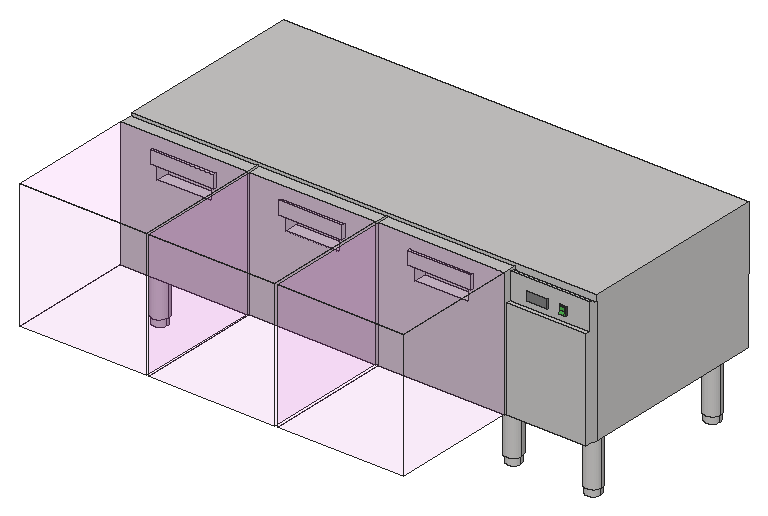
Revit family "QF_ELECTROLUXPROFESSIONAL_371372_E7TTAPCOMKN", category Specialty Equipment, Revit 2018 (continued)
Lines and regions (mm)
  Split face 146
    outline origin (966.896, -348, 142.29) x (0, 0, -1) y (1, 0, 0)
      loop
        line (-116.984, -242.399) -> (-85.025, -242.399)
  Split face 147
    outline origin (978.896, -348, 142.29) x (0, 0, -1) y (1, 0, 0)
      loop
        arc (-85.025, -242.399) -> (-81.004, -238.41) -> (-85.004, -234.4) r 4
        line (-85.004, -234.4) -> (-117.004, -234.4)
        arc (-117.004, -234.4) -> (-121.004, -238.41) -> (-116.984, -242.399) r 4
        line (-116.984, -242.399) -> (-85.025, -242.399)
  Split face 148
    outline origin (990.896, -348, 142.29) x (0, 0, -1) y (1, 0, 0)
      loop
        arc (-85.025, -242.399) -> (-81.004, -238.41) -> (-85.004, -234.4) r 4
        line (-85.004, -234.4) -> (-117.004, -234.4)
        arc (-117.004, -234.4) -> (-121.004, -238.41) -> (-116.984, -242.399) r 4
        line (-116.984, -242.399) -> (-85.025, -242.399)
  Split face 149
    outline origin (1002.896, -348, 142.29) x (0, 0, -1) y (1, 0, 0)
      loop
        arc (-85.025, -242.399) -> (-81.004, -238.41) -> (-85.004, -234.4) r 4
        line (-85.004, -234.4) -> (-117.004, -234.4)
        arc (-117.004, -234.4) -> (-121.004, -238.41) -> (-116.984, -242.399) r 4
        line (-116.984, -242.399) -> (-85.025, -242.399)
  Split face 150
    outline origin (1014.896, -348, 142.29) x (0, 0, -1) y (1, 0, 0)
      loop
        arc (-85.025, -242.399) -> (-81.004, -238.41) -> (-85.004, -234.4) r 4
        line (-85.004, -234.4) -> (-117.004, -234.4)
        arc (-117.004, -234.4) -> (-121.004, -238.41) -> (-116.984, -242.399) r 4
        line (-116.984, -242.399) -> (-85.025, -242.399)
  Split face 151
    outline origin (787, -348, 142.29) x (0, 0, -1) y (1, 0, 0)
      loop
        arc (-85.025, -240.599) -> (-81.004, -236.61) -> (-85.004, -232.599) r 4
        line (-85.004, -232.599) -> (-117.004, -232.599)
        arc (-117.004, -232.599) -> (-121.004, -236.61) -> (-116.984, -240.599) r 4
        line (-116.984, -240.599) -> (-85.025, -240.599)
  symbolic lines, style "SpecialityEquipmentHiddenLines"
    curve 1: line (-799, 350, 0) -> (799, 350, 0)
    curve 2: line (-799, -348, 0) -> (-799, 350, 0)
    curve 3: line (799, -348, 0) -> (-799, -348, 0)
    curve 4: line (799, 350, 0) -> (799, -348, 0)
    curve 16: line (-799, -303, 0) -> (799, -303, 0)
  symbolic lines, style "QF_Door-Drawer Clearances"
    curve 5: line (-779, -348, 0) -> (-779, -473, 0)
    curve 6: line (-384.999, -473, 0) -> (-384.999, -348, 0)
    curve 7: line (-336.67, -348, 0) -> (-336.67, -473, 0)
    curve 8: line (-799, -473, 0) -> (-364.999, -473, 0)
    curve 9: line (-356.67, -473, 0) -> (77.33, -473, 0)
    curve 10: line (-799, -513, 0) -> (-364.999, -513, 0)
    curve 11: line (-356.67, -513, 0) -> (77.33, -513, 0)
    curve 12: line (-364.999, -513, 0) -> (-364.999, -473, 0)
    curve 13: line (-356.67, -473, 0) -> (-356.67, -513, 0)
    curve 14: line (-799, -473, 0) -> (-799, -513, 0)
    curve 15: line (77.33, -513, 0) -> (77.33, -473, 0)
    curve 17: line (519.661, -473, 0) -> (85.661, -473, 0)
    curve 18: line (519.661, -513, 0) -> (85.661, -513, 0)
    curve 19: line (519.661, -473, 0) -> (519.661, -513, 0)
    curve 20: line (85.661, -513, 0) -> (85.661, -473, 0)
    curve 21: line (57.33, -473, 0) -> (57.33, -348, 0)
    curve 22: line (105.661, -348, 0) -> (105.661, -473, 0)
    curve 23: line (499.661, -473, 0) -> (499.661, -348, 0)
Dimensions and locks
  plane 4 to level = 200 mm
  plane 5 "TOP" to level = 650 mm
  plane 5 "TOP" to plane 4 = 450 mm
  equal spacing: plane 8 "LEFT", plane 3 "Centro (Sinistra/Destra)", plane 9 "RIGHT"
  plane 8 "LEFT" to plane 9 "RIGHT" = 1600 mm
  equal spacing: plane 6 "BACK", plane 1 "Center X", plane 7 "FRONT"
  plane 6 "BACK" to plane 7 "FRONT" = 700 mm
  locked: plane 6 "BACK" to plane 10 at 653
  locked: plane 10 to plane 11 at 45
  locked: plane 8 "LEFT" to plane 12 at 55
  locked: plane 13 to plane 9 "RIGHT" at 55
  plane 12 to plane 14 = 1216 mm
  locked: plane 6 "BACK" to plane 15 at 88
  locked: plane 16 to plane 11 at 99
  locked: plane 19 to plane 9 "RIGHT" at 1
  locked: plane 8 "LEFT" to plane 18 at 1
  plane 19 to plane 17 = 513 mm
  locked: plane 6 "BACK" to plane 20 at 160
  plane 21 to plane 9 "RIGHT" = 240 mm
  plane 14 to plane 12 = 1216 mm
  plane 12 to plane 8 "LEFT" = 55 mm
  plane 9 "RIGHT" to plane 13 = 55 mm
  Extrusion 10 to Extrusion 10 = 434 mm
  Extrusion 13 to Extrusion 13 = 434 mm
  aligned and locked: level to plane 2
  aligned and locked: plane 12 to nested 1
  aligned and locked: nested 1 to plane 16
  aligned and locked: nested 2 to plane 15
  aligned and locked: plane 14 to nested 3
  aligned and locked: nested 4 to plane 14
  aligned and locked: plane 13 to nested 5
  aligned and locked: nested 6 to plane 13
  aligned and locked: Extrusion 1 sketch curve to plane 6 "BACK"
  aligned and locked: Extrusion 1 sketch curve to plane 10
  aligned and locked: Extrusion 2 to plane 11
  aligned and locked: plane 19 to Extrusion 1
  aligned and locked: plane 4 to Extrusion 5
  aligned and locked: nested 2 to plane 12
Automatic sketch dimensions
  Extrusion 5 sketch curve to plane 20 = 0 mm
  plane 21 to Extrusion 5 sketch curve = 200 mm
  Extrusion 1 sketch curve to plane 19 = 0 mm
  Extrusion 1 sketch curve to plane 18 = 0 mm
  Extrusion 2 sketch curve to plane 18 = 0 mm
  plane 12 to Extrusion 2 sketch curve = 69.7 mm
  Extrusion 2 sketch curve to Extrusion 2 sketch curve = 186.601 mm
  Extrusion 2 sketch curve to plane 5 "TOP" = 9.006 mm
  Extrusion 2 sketch curve to Extrusion 2 sketch curve = 123.7 mm
  Extrusion 2 sketch curve to plane 5 "TOP" = 65 mm
  Extrusion 2 sketch curve to Extrusion 2 sketch curve = 78.294 mm
  plane 4 to Extrusion 2 sketch curve = 1.587 mm
  Extrusion 2 to Extrusion 3 sketch curve = 0 mm
  Extrusion 3 sketch curve to Extrusion 2 = 0 mm  (x3)
  Extrusion 4 sketch curve to Extrusion 2 = 15 mm  (x2)
  Extrusion 2 to Extrusion 4 sketch curve = 31.031 mm
  Extrusion 4 sketch curve to Extrusion 2 = 13.969 mm
  Extrusion 6 sketch curve to plane 11 = 0 mm
  Extrusion 6 sketch curve to plane 4 = 0 mm
  Extrusion 6 sketch curve to plane 10 = 0 mm
  plane 11 to Extrusion 6 sketch curve = 16.901 mm
  Extrusion 6 sketch curve to Extrusion 6 sketch curve = 11.336 mm
  plane 4 to Extrusion 6 sketch curve = 4.796 mm
  Extrusion 6 sketch curve to plane 10 = 15.163 mm
  Extrusion 6 sketch curve to plane 10 = 5.442 mm
  Extrusion 6 sketch curve to plane 5 "TOP" = 100.204 mm
  Extrusion 6 sketch curve to plane 5 "TOP" = 20.473 mm
  Extrusion 6 sketch curve to plane 5 "TOP" = 9.006 mm
  Extrusion 6 to Extrusion 7 sketch curve = 42.198 mm
  Extrusion 7 sketch curve to Extrusion 6 = 20 mm
  Extrusion 6 to Extrusion 7 sketch curve = 102.899 mm
  Extrusion 7 sketch curve to Extrusion 7 sketch curve = 22 mm
  Extrusion 6 to Extrusion 8 sketch curve = 42.198 mm
  Extrusion 8 sketch curve to Extrusion 6 = 20 mm
  Extrusion 6 to Extrusion 8 sketch curve = 54.901 mm
  Extrusion 8 sketch curve to Extrusion 8 sketch curve = 70 mm
  Split face 1 sketch curve to Extrusion 8 = 5 mm
  Split face 1 sketch curve to Extrusion 8 = 9 mm
  Split face 1 sketch curve to Extrusion 8 = 10 mm  (x2)
  Split face 2 sketch curve to Extrusion 8 = 12.5 mm
  Split face 2 sketch curve to Extrusion 8 = 7 mm
  Split face 3 sketch curve to Extrusion 8 = 7.5 mm
  Split face 3 sketch curve to Extrusion 8 = 7 mm
  Split face 4 sketch curve to Extrusion 8 = 11.5 mm
  Split face 4 sketch curve to Extrusion 8 = 7 mm
  Split face 5 sketch curve to Extrusion 8 = 7.5 mm
  Split face 5 sketch curve to Extrusion 8 = 7 mm
  Split face 6 sketch curve to Extrusion 8 = 12.5 mm
  Split face 6 sketch curve to Extrusion 8 = 7 mm
  Split face 7 sketch curve to Extrusion 8 = 11.5 mm
  Split face 7 sketch curve to Extrusion 8 = 7 mm
  Split face 8 sketch curve to Extrusion 8 = 7.047 mm
  Split face 8 sketch curve to Extrusion 8 = 2.047 mm
  Split face 8 sketch curve to Extrusion 8 = 10 mm
  Split face 8 sketch curve to Split face 8 sketch curve = 11 mm
  Split face 9 sketch curve to Extrusion 8 = 7.047 mm
  Split face 9 sketch curve to Extrusion 8 = 2.047 mm
  Split face 9 sketch curve to Extrusion 8 = 23 mm
  Split face 9 sketch curve to Split face 9 sketch curve = 11 mm
  Split face 10 sketch curve to Extrusion 8 = 7.047 mm
  Split face 10 sketch curve to Extrusion 8 = 2.047 mm
  Split face 10 sketch curve to Extrusion 8 = 34 mm
  Split face 10 sketch curve to Split face 10 sketch curve = 11 mm
  Split face 11 sketch curve to Extrusion 8 = 7.047 mm
  Split face 11 sketch curve to Extrusion 8 = 2.047 mm
  Split face 11 sketch curve to Extrusion 8 = 21 mm
  Split face 11 sketch curve to Extrusion 8 = 10 mm
  Extrusion 9 sketch curve to Extrusion 9 sketch curve = 0 mm  (x3)
  Extrusion 9 sketch curve to Extrusion 7 = 0 mm
  Extrusion 7 to Extrusion 9 sketch curve = 2.279 mm
  Extrusion 9 sketch curve to Extrusion 9 sketch curve = 0.116 mm
  Extrusion 9 sketch curve to Extrusion 9 sketch curve = 12.105 mm
  Extrusion 7 to Extrusion 9 sketch curve = 3.692 mm
  Extrusion 7 to Extrusion 9 sketch curve = 2.395 mm
  Split face 12 sketch curve to Extrusion 6 = 20.5 mm
  Split face 12 sketch curve to Split face 12 sketch curve = 0.02 mm  (x2)
  Split face 12 sketch curve to Split face 12 sketch curve = 31.959 mm
  Split face 12 sketch curve to Extrusion 6 = 30.401 mm
  Split face 12 sketch curve to Split face 12 sketch curve = 4 mm
  Split face 13 sketch curve to Extrusion 6 = 20.5 mm
  Split face 13 sketch curve to Split face 13 sketch curve = 0.02 mm  (x2)
  Split face 13 sketch curve to Split face 13 sketch curve = 31.959 mm
  Split face 13 sketch curve to Extrusion 6 = 42.4 mm
  Split face 13 sketch curve to Split face 13 sketch curve = 4 mm
  Split face 14 sketch curve to Extrusion 6 = 20.5 mm
  Split face 14 sketch curve to Split face 14 sketch curve = 0.02 mm  (x2)
  Split face 14 sketch curve to Split face 14 sketch curve = 31.959 mm
  Split face 14 sketch curve to Extrusion 6 = 54.4 mm
  Split face 14 sketch curve to Split face 14 sketch curve = 4 mm
  Split face 15 sketch curve to Extrusion 6 = 20.5 mm
  Split face 15 sketch curve to Split face 15 sketch curve = 0.02 mm  (x2)
  Split face 15 sketch curve to Split face 15 sketch curve = 31.959 mm
  Split face 15 sketch curve to Extrusion 6 = 66.297 mm
  Split face 15 sketch curve to Split face 15 sketch curve = 4 mm
  Split face 16 sketch curve to Extrusion 6 = 20.5 mm
  Split face 16 sketch curve to Split face 16 sketch curve = 0.02 mm  (x2)
  Split face 16 sketch curve to Split face 16 sketch curve = 31.959 mm
  Split face 16 sketch curve to Extrusion 6 = 78.297 mm
  Split face 16 sketch curve to Split face 16 sketch curve = 4 mm
  Split face 17 sketch curve to Extrusion 6 = 20.5 mm
  Split face 17 sketch curve to Split face 17 sketch curve = 0.02 mm  (x2)
  Split face 17 sketch curve to Split face 17 sketch curve = 31.959 mm
  Split face 17 sketch curve to Extrusion 6 = 90.297 mm
  Split face 17 sketch curve to Split face 17 sketch curve = 4 mm
  Split face 18 sketch curve to Extrusion 6 = 20.5 mm
  Split face 18 sketch curve to Split face 18 sketch curve = 0.02 mm  (x2)
  Split face 18 sketch curve to Split face 18 sketch curve = 31.959 mm
  Split face 18 sketch curve to Extrusion 6 = 102.297 mm
  Split face 18 sketch curve to Split face 18 sketch curve = 4 mm
  Split face 19 sketch curve to Extrusion 6 = 20.5 mm
  Split face 19 sketch curve to Split face 19 sketch curve = 0.02 mm  (x2)
  Split face 19 sketch curve to Split face 19 sketch curve = 31.959 mm
  Split face 19 sketch curve to Extrusion 6 = 114.297 mm
  Split face 19 sketch curve to Split face 19 sketch curve = 4 mm
  Split face 20 sketch curve to Extrusion 6 = 20.5 mm
  Split face 20 sketch curve to Split face 20 sketch curve = 0.02 mm  (x2)
  Split face 20 sketch curve to Split face 20 sketch curve = 31.959 mm
  Split face 20 sketch curve to Extrusion 6 = 126.297 mm
  Split face 20 sketch curve to Split face 20 sketch curve = 4 mm
  Split face 21 sketch curve to Extrusion 6 = 20.5 mm
  Split face 21 sketch curve to Split face 21 sketch curve = 0.02 mm  (x2)
  Split face 21 sketch curve to Split face 21 sketch curve = 31.959 mm
  Split face 21 sketch curve to Extrusion 6 = 134.503 mm
  Split face 21 sketch curve to Split face 21 sketch curve = 4 mm
  Split face 22 sketch curve to Extrusion 6 = 20.5 mm
  Split face 22 sketch curve to Split face 22 sketch curve = 0.02 mm  (x2)
  Split face 22 sketch curve to Split face 22 sketch curve = 31.959 mm
  Split face 22 sketch curve to Extrusion 6 = 122.504 mm
  Split face 22 sketch curve to Split face 22 sketch curve = 4 mm
  Split face 23 sketch curve to Extrusion 6 = 20.5 mm
  Split face 23 sketch curve to Split face 23 sketch curve = 0.02 mm  (x2)
  Split face 23 sketch curve to Split face 23 sketch curve = 31.959 mm
  Split face 23 sketch curve to Extrusion 6 = 110.503 mm
  Split face 23 sketch curve to Split face 23 sketch curve = 4 mm
  Split face 24 sketch curve to Extrusion 6 = 20.5 mm
  Split face 24 sketch curve to Split face 24 sketch curve = 0.02 mm  (x2)
  Split face 24 sketch curve to Split face 24 sketch curve = 31.959 mm
  Split face 24 sketch curve to Extrusion 6 = 98.503 mm
  Split face 24 sketch curve to Split face 24 sketch curve = 4 mm
  Split face 25 sketch curve to Extrusion 6 = 20.5 mm
  Split face 25 sketch curve to Split face 25 sketch curve = 0.02 mm  (x2)
  Split face 25 sketch curve to Split face 25 sketch curve = 31.959 mm
  Split face 25 sketch curve to Extrusion 6 = 86.503 mm
  Split face 25 sketch curve to Split face 25 sketch curve = 4 mm
  Split face 26 sketch curve to Extrusion 6 = 20.5 mm
  Split face 26 sketch curve to Split face 26 sketch curve = 0.02 mm  (x2)
  Split face 26 sketch curve to Split face 26 sketch curve = 31.959 mm
  Split face 26 sketch curve to Extrusion 6 = 74.504 mm
  Split face 26 sketch curve to Split face 26 sketch curve = 4 mm
  Split face 27 sketch curve to Extrusion 6 = 20.5 mm
  Split face 27 sketch curve to Split face 27 sketch curve = 0.02 mm  (x2)
  Split face 27 sketch curve to Split face 27 sketch curve = 31.959 mm
  Split face 27 sketch curve to Extrusion 6 = 62.503 mm
  Split face 27 sketch curve to Split face 27 sketch curve = 4 mm
  Split face 28 sketch curve to Extrusion 6 = 20.5 mm
  Split face 28 sketch curve to Split face 28 sketch curve = 0.02 mm  (x2)
  Split face 28 sketch curve to Split face 28 sketch curve = 31.959 mm
  Split face 28 sketch curve to Extrusion 6 = 50.504 mm
  Split face 28 sketch curve to Split face 28 sketch curve = 4 mm
  Split face 29 sketch curve to Extrusion 6 = 20.5 mm
  Split face 29 sketch curve to Split face 29 sketch curve = 0.02 mm  (x2)
  Split face 29 sketch curve to Split face 29 sketch curve = 31.959 mm
  Split face 29 sketch curve to Extrusion 6 = 38.504 mm
  Split face 29 sketch curve to Split face 29 sketch curve = 4 mm
  Split face 30 sketch curve to Extrusion 6 = 20.5 mm
  Split face 30 sketch curve to Split face 30 sketch curve = 0.02 mm  (x2)
  Split face 30 sketch curve to Split face 30 sketch curve = 31.959 mm
  Split face 30 sketch curve to Extrusion 6 = 26.504 mm
  Split face 30 sketch curve to Split face 30 sketch curve = 4 mm
  Split face 31 sketch curve to Extrusion 6 = 20.5 mm
  Split face 31 sketch curve to Split face 31 sketch curve = 0.02 mm  (x2)
  Split face 31 sketch curve to Split face 31 sketch curve = 31.959 mm
  Split face 31 sketch curve to Extrusion 6 = 18.401 mm
  Split face 31 sketch curve to Split face 31 sketch curve = 4 mm
  Split face 32 sketch curve to Extrusion 6 = 65.502 mm
  Split face 32 sketch curve to Split face 32 sketch curve = 0.02 mm  (x2)
  Split face 32 sketch curve to Split face 32 sketch curve = 31.959 mm
  Split face 32 sketch curve to Extrusion 6 = 30.401 mm
  Split face 32 sketch curve to Split face 32 sketch curve = 4 mm
  Split face 33 sketch curve to Extrusion 6 = 65.502 mm
  Split face 33 sketch curve to Split face 33 sketch curve = 0.02 mm  (x2)
  Split face 33 sketch curve to Split face 33 sketch curve = 31.959 mm
  Split face 33 sketch curve to Extrusion 6 = 42.4 mm
  Split face 33 sketch curve to Split face 33 sketch curve = 4 mm
  Split face 34 sketch curve to Extrusion 6 = 65.502 mm
  Split face 34 sketch curve to Split face 34 sketch curve = 0.02 mm  (x2)
  Split face 34 sketch curve to Split face 34 sketch curve = 31.959 mm
  Split face 34 sketch curve to Extrusion 6 = 54.4 mm
  Split face 34 sketch curve to Split face 34 sketch curve = 4 mm
  Split face 35 sketch curve to Extrusion 6 = 65.502 mm
  Split face 35 sketch curve to Split face 35 sketch curve = 0.02 mm  (x2)
  Split face 35 sketch curve to Split face 35 sketch curve = 31.959 mm
  Split face 35 sketch curve to Extrusion 6 = 66.297 mm
  Split face 35 sketch curve to Split face 35 sketch curve = 4 mm
  Split face 36 sketch curve to Extrusion 6 = 65.502 mm
  Split face 36 sketch curve to Split face 36 sketch curve = 0.02 mm  (x2)
  Split face 36 sketch curve to Split face 36 sketch curve = 31.959 mm
  Split face 36 sketch curve to Extrusion 6 = 78.297 mm
  Split face 36 sketch curve to Split face 36 sketch curve = 4 mm
  Split face 37 sketch curve to Extrusion 6 = 65.502 mm
  Split face 37 sketch curve to Split face 37 sketch curve = 0.02 mm  (x2)
  Split face 37 sketch curve to Split face 37 sketch curve = 31.959 mm
  Split face 37 sketch curve to Extrusion 6 = 90.297 mm
  Split face 37 sketch curve to Split face 37 sketch curve = 4 mm
  Split face 38 sketch curve to Extrusion 6 = 65.502 mm
  Split face 38 sketch curve to Split face 38 sketch curve = 0.02 mm  (x2)
  Split face 38 sketch curve to Split face 38 sketch curve = 31.959 mm
  Split face 38 sketch curve to Extrusion 6 = 102.297 mm
  Split face 38 sketch curve to Split face 38 sketch curve = 4 mm
  Split face 39 sketch curve to Extrusion 6 = 65.502 mm
  Split face 39 sketch curve to Split face 39 sketch curve = 0.02 mm  (x2)
  Split face 39 sketch curve to Split face 39 sketch curve = 31.959 mm
  Split face 39 sketch curve to Extrusion 6 = 114.297 mm
  Split face 39 sketch curve to Split face 39 sketch curve = 4 mm
  Split face 40 sketch curve to Extrusion 6 = 65.502 mm
  Split face 40 sketch curve to Split face 40 sketch curve = 0.02 mm  (x2)
  Split face 40 sketch curve to Split face 40 sketch curve = 31.959 mm
  Split face 40 sketch curve to Extrusion 6 = 126.297 mm
  Split face 40 sketch curve to Split face 40 sketch curve = 4 mm
  Split face 41 sketch curve to Extrusion 6 = 65.502 mm
  Split face 41 sketch curve to Split face 41 sketch curve = 0.02 mm  (x2)
  Split face 41 sketch curve to Split face 41 sketch curve = 31.959 mm
  Split face 41 sketch curve to Extrusion 6 = 134.503 mm
  Split face 41 sketch curve to Split face 41 sketch curve = 4 mm
  Split face 42 sketch curve to Extrusion 6 = 65.502 mm
  Split face 42 sketch curve to Split face 42 sketch curve = 0.02 mm  (x2)
  Split face 42 sketch curve to Split face 42 sketch curve = 31.959 mm
  Split face 42 sketch curve to Extrusion 6 = 122.504 mm
  Split face 42 sketch curve to Split face 42 sketch curve = 4 mm
  Split face 43 sketch curve to Extrusion 6 = 65.502 mm
  Split face 43 sketch curve to Split face 43 sketch curve = 0.02 mm  (x2)
  Split face 43 sketch curve to Split face 43 sketch curve = 31.959 mm
  Split face 43 sketch curve to Extrusion 6 = 110.503 mm
  Split face 43 sketch curve to Split face 43 sketch curve = 4 mm
  Split face 44 sketch curve to Extrusion 6 = 65.502 mm
  Split face 44 sketch curve to Split face 44 sketch curve = 0.02 mm  (x2)
  Split face 44 sketch curve to Split face 44 sketch curve = 31.959 mm
  Split face 44 sketch curve to Extrusion 6 = 98.503 mm
  Split face 44 sketch curve to Split face 44 sketch curve = 4 mm
  Split face 45 sketch curve to Extrusion 6 = 65.502 mm
  Split face 45 sketch curve to Split face 45 sketch curve = 0.02 mm  (x2)
  Split face 45 sketch curve to Split face 45 sketch curve = 31.959 mm
  Split face 45 sketch curve to Extrusion 6 = 86.503 mm
  Split face 45 sketch curve to Split face 45 sketch curve = 4 mm
  Split face 46 sketch curve to Extrusion 6 = 65.502 mm
  Split face 46 sketch curve to Split face 46 sketch curve = 0.02 mm  (x2)
  Split face 46 sketch curve to Split face 46 sketch curve = 31.959 mm
  Split face 46 sketch curve to Extrusion 6 = 74.504 mm
  Split face 46 sketch curve to Split face 46 sketch curve = 4 mm
  Split face 47 sketch curve to Extrusion 6 = 65.502 mm
  Split face 47 sketch curve to Split face 47 sketch curve = 0.02 mm  (x2)
  Split face 47 sketch curve to Split face 47 sketch curve = 31.959 mm
  Split face 47 sketch curve to Extrusion 6 = 62.503 mm
  Split face 47 sketch curve to Split face 47 sketch curve = 4 mm
  Split face 48 sketch curve to Extrusion 6 = 65.502 mm
  Split face 48 sketch curve to Split face 48 sketch curve = 0.02 mm  (x2)
  Split face 48 sketch curve to Split face 48 sketch curve = 31.959 mm
  Split face 48 sketch curve to Extrusion 6 = 50.504 mm
  Split face 48 sketch curve to Split face 48 sketch curve = 4 mm
  Split face 49 sketch curve to Extrusion 6 = 65.502 mm
  Split face 49 sketch curve to Split face 49 sketch curve = 0.02 mm  (x2)
  Split face 49 sketch curve to Split face 49 sketch curve = 31.959 mm
  Split face 49 sketch curve to Extrusion 6 = 38.504 mm
  Split face 49 sketch curve to Split face 49 sketch curve = 4 mm
  Split face 50 sketch curve to Extrusion 6 = 22.504 mm
  Split face 50 sketch curve to Extrusion 6 = 65.502 mm
  Split face 50 sketch curve to Split face 50 sketch curve = 0.02 mm  (x2)
  Split face 50 sketch curve to Split face 50 sketch curve = 31.959 mm
  Split face 50 sketch curve to Split face 50 sketch curve = 4 mm
  Split face 51 sketch curve to Extrusion 6 = 22.401 mm
  Split face 51 sketch curve to Extrusion 6 = 65.502 mm
  Split face 51 sketch curve to Split face 51 sketch curve = 0.02 mm  (x2)
  Split face 51 sketch curve to Split face 51 sketch curve = 31.959 mm
  Split face 51 sketch curve to Split face 51 sketch curve = 4 mm
  Split face 52 sketch curve to Extrusion 6 = 34.401 mm
  Split face 52 sketch curve to Extrusion 6 = 110.502 mm
  Split face 52 sketch curve to Split face 52 sketch curve = 0.02 mm  (x2)
  Split face 52 sketch curve to Split face 52 sketch curve = 31.959 mm
  Split face 52 sketch curve to Split face 52 sketch curve = 4 mm
  Split face 53 sketch curve to Extrusion 6 = 46.4 mm
  Split face 53 sketch curve to Extrusion 6 = 110.502 mm
  Split face 53 sketch curve to Split face 53 sketch curve = 0.02 mm  (x2)
  Split face 53 sketch curve to Split face 53 sketch curve = 31.959 mm
  Split face 53 sketch curve to Split face 53 sketch curve = 4 mm
  Split face 54 sketch curve to Extrusion 6 = 110.502 mm
  Split face 54 sketch curve to Split face 54 sketch curve = 0.02 mm  (x2)
  Split face 54 sketch curve to Split face 54 sketch curve = 31.959 mm
  Split face 54 sketch curve to Extrusion 6 = 54.4 mm
  Split face 54 sketch curve to Split face 54 sketch curve = 4 mm
  Split face 55 sketch curve to Extrusion 6 = 110.502 mm
  Split face 55 sketch curve to Split face 55 sketch curve = 0.02 mm  (x2)
  Split face 55 sketch curve to Split face 55 sketch curve = 31.959 mm
  Split face 55 sketch curve to Extrusion 6 = 66.297 mm
  Split face 55 sketch curve to Split face 55 sketch curve = 4 mm
  Split face 56 sketch curve to Extrusion 6 = 110.502 mm
  Split face 56 sketch curve to Split face 56 sketch curve = 0.02 mm  (x2)
  Split face 56 sketch curve to Split face 56 sketch curve = 31.959 mm
  Split face 56 sketch curve to Extrusion 6 = 78.297 mm
  Split face 56 sketch curve to Split face 56 sketch curve = 4 mm
  Split face 57 sketch curve to Extrusion 6 = 110.502 mm
  Split face 57 sketch curve to Split face 57 sketch curve = 0.02 mm  (x2)
  Split face 57 sketch curve to Split face 57 sketch curve = 31.959 mm
  Split face 57 sketch curve to Extrusion 6 = 90.297 mm
  Split face 57 sketch curve to Split face 57 sketch curve = 4 mm
  Split face 58 sketch curve to Extrusion 6 = 110.502 mm
  Split face 58 sketch curve to Split face 58 sketch curve = 0.02 mm  (x2)
  Split face 58 sketch curve to Split face 58 sketch curve = 31.959 mm
  Split face 58 sketch curve to Extrusion 6 = 102.297 mm
  Split face 58 sketch curve to Split face 58 sketch curve = 4 mm
  Split face 59 sketch curve to Extrusion 6 = 110.502 mm
  Split face 59 sketch curve to Split face 59 sketch curve = 0.02 mm  (x2)
  Split face 59 sketch curve to Split face 59 sketch curve = 31.959 mm
  Split face 59 sketch curve to Extrusion 6 = 114.297 mm
  Split face 59 sketch curve to Split face 59 sketch curve = 4 mm
  Split face 60 sketch curve to Extrusion 6 = 110.502 mm
  Split face 60 sketch curve to Split face 60 sketch curve = 0.02 mm  (x2)
  Split face 60 sketch curve to Split face 60 sketch curve = 31.959 mm
  Split face 60 sketch curve to Extrusion 6 = 126.297 mm
  Split face 60 sketch curve to Split face 60 sketch curve = 4 mm
  Split face 61 sketch curve to Extrusion 6 = 110.502 mm
  Split face 61 sketch curve to Split face 61 sketch curve = 0.02 mm  (x2)
  Split face 61 sketch curve to Split face 61 sketch curve = 31.959 mm
  Split face 61 sketch curve to Extrusion 6 = 134.503 mm
  Split face 61 sketch curve to Split face 61 sketch curve = 4 mm
  Split face 62 sketch curve to Extrusion 6 = 110.502 mm
  Split face 62 sketch curve to Split face 62 sketch curve = 0.02 mm  (x2)
  Split face 62 sketch curve to Split face 62 sketch curve = 31.959 mm
  Split face 62 sketch curve to Extrusion 6 = 122.504 mm
  Split face 62 sketch curve to Split face 62 sketch curve = 4 mm
  Split face 63 sketch curve to Extrusion 6 = 110.502 mm
  Split face 63 sketch curve to Split face 63 sketch curve = 0.02 mm  (x2)
  Split face 63 sketch curve to Split face 63 sketch curve = 31.959 mm
  Split face 63 sketch curve to Extrusion 6 = 110.503 mm
  Split face 63 sketch curve to Split face 63 sketch curve = 4 mm
  Split face 64 sketch curve to Extrusion 6 = 110.502 mm
  Split face 64 sketch curve to Split face 64 sketch curve = 0.02 mm  (x2)
  Split face 64 sketch curve to Split face 64 sketch curve = 31.959 mm
  Split face 64 sketch curve to Extrusion 6 = 98.503 mm
  Split face 64 sketch curve to Split face 64 sketch curve = 4 mm
  Split face 65 sketch curve to Extrusion 6 = 110.502 mm
  Split face 65 sketch curve to Split face 65 sketch curve = 0.02 mm  (x2)
  Split face 65 sketch curve to Split face 65 sketch curve = 31.959 mm
  Split face 65 sketch curve to Extrusion 6 = 86.503 mm
  Split face 65 sketch curve to Split face 65 sketch curve = 4 mm
  Split face 66 sketch curve to Extrusion 6 = 110.502 mm
  Split face 66 sketch curve to Split face 66 sketch curve = 0.02 mm  (x2)
  Split face 66 sketch curve to Split face 66 sketch curve = 31.959 mm
  Split face 66 sketch curve to Extrusion 6 = 74.504 mm
  Split face 66 sketch curve to Split face 66 sketch curve = 4 mm
  Split face 67 sketch curve to Extrusion 6 = 110.502 mm
  Split face 67 sketch curve to Split face 67 sketch curve = 0.02 mm  (x2)
  Split face 67 sketch curve to Split face 67 sketch curve = 31.959 mm
  Split face 67 sketch curve to Extrusion 6 = 62.503 mm
  Split face 67 sketch curve to Split face 67 sketch curve = 4 mm
  Split face 68 sketch curve to Extrusion 6 = 46.504 mm
  Split face 68 sketch curve to Extrusion 6 = 110.502 mm
  Split face 68 sketch curve to Split face 68 sketch curve = 0.02 mm  (x2)
  Split face 68 sketch curve to Split face 68 sketch curve = 31.959 mm
  Split face 68 sketch curve to Split face 68 sketch curve = 4 mm
  Split face 69 sketch curve to Extrusion 6 = 34.504 mm
  Split face 69 sketch curve to Extrusion 6 = 110.502 mm
  Split face 69 sketch curve to Split face 69 sketch curve = 0.02 mm  (x2)
  Split face 69 sketch curve to Split face 69 sketch curve = 31.959 mm
  Split face 69 sketch curve to Split face 69 sketch curve = 4 mm
  Split face 70 sketch curve to Extrusion 6 = 22.504 mm
  Split face 70 sketch curve to Extrusion 6 = 110.502 mm
  Split face 70 sketch curve to Split face 70 sketch curve = 0.02 mm  (x2)
  Split face 70 sketch curve to Split face 70 sketch curve = 31.959 mm
  Split face 70 sketch curve to Split face 70 sketch curve = 4 mm
  Split face 71 sketch curve to Extrusion 6 = 22.401 mm
  Split face 71 sketch curve to Extrusion 6 = 110.502 mm
  Split face 71 sketch curve to Split face 71 sketch curve = 0.02 mm  (x2)
  Split face 71 sketch curve to Split face 71 sketch curve = 31.959 mm
  Split face 71 sketch curve to Split face 71 sketch curve = 4 mm
  Split face 72 sketch curve to Extrusion 6 = 34.401 mm
  Split face 72 sketch curve to Extrusion 6 = 155.502 mm
  Split face 72 sketch curve to Split face 72 sketch curve = 0.02 mm  (x2)
  Split face 72 sketch curve to Split face 72 sketch curve = 31.959 mm
  Split face 72 sketch curve to Split face 72 sketch curve = 4 mm
  Split face 73 sketch curve to Extrusion 6 = 46.4 mm
  Split face 73 sketch curve to Extrusion 6 = 155.502 mm
  Split face 73 sketch curve to Split face 73 sketch curve = 0.02 mm  (x2)
  Split face 73 sketch curve to Split face 73 sketch curve = 31.959 mm
  Split face 73 sketch curve to Split face 73 sketch curve = 4 mm
  Split face 74 sketch curve to Extrusion 6 = 58.4 mm
  Split face 74 sketch curve to Extrusion 6 = 155.502 mm
  Split face 74 sketch curve to Split face 74 sketch curve = 0.02 mm  (x2)
  Split face 74 sketch curve to Split face 74 sketch curve = 31.959 mm
  Split face 74 sketch curve to Split face 74 sketch curve = 4 mm
  Split face 75 sketch curve to Extrusion 6 = 70.297 mm
  Split face 75 sketch curve to Extrusion 6 = 155.502 mm
  Split face 75 sketch curve to Split face 75 sketch curve = 0.02 mm  (x2)
  Split face 75 sketch curve to Split face 75 sketch curve = 31.959 mm
  Split face 75 sketch curve to Split face 75 sketch curve = 4 mm
  Split face 76 sketch curve to Extrusion 6 = 155.502 mm
  Split face 76 sketch curve to Split face 76 sketch curve = 0.02 mm  (x2)
  Split face 76 sketch curve to Split face 76 sketch curve = 31.959 mm
  Split face 76 sketch curve to Extrusion 6 = 78.297 mm
  Split face 76 sketch curve to Split face 76 sketch curve = 4 mm
  Split face 77 sketch curve to Extrusion 6 = 155.502 mm
  Split face 77 sketch curve to Split face 77 sketch curve = 0.02 mm  (x2)
  Split face 77 sketch curve to Split face 77 sketch curve = 31.959 mm
  Split face 77 sketch curve to Extrusion 6 = 90.297 mm
  Split face 77 sketch curve to Split face 77 sketch curve = 4 mm
  Split face 78 sketch curve to Extrusion 6 = 155.502 mm
  Split face 78 sketch curve to Split face 78 sketch curve = 0.02 mm  (x2)
  Split face 78 sketch curve to Split face 78 sketch curve = 31.959 mm
  Split face 78 sketch curve to Extrusion 6 = 102.297 mm
  Split face 78 sketch curve to Split face 78 sketch curve = 4 mm
  Split face 79 sketch curve to Extrusion 6 = 155.502 mm
  Split face 79 sketch curve to Split face 79 sketch curve = 0.02 mm  (x2)
  Split face 79 sketch curve to Split face 79 sketch curve = 31.959 mm
  Split face 79 sketch curve to Extrusion 6 = 114.297 mm
  Split face 79 sketch curve to Split face 79 sketch curve = 4 mm
  Split face 80 sketch curve to Extrusion 6 = 155.502 mm
  Split face 80 sketch curve to Split face 80 sketch curve = 0.02 mm  (x2)
  Split face 80 sketch curve to Split face 80 sketch curve = 31.959 mm
  Split face 80 sketch curve to Extrusion 6 = 126.297 mm
  Split face 80 sketch curve to Split face 80 sketch curve = 4 mm
  Split face 81 sketch curve to Extrusion 6 = 155.502 mm
  Split face 81 sketch curve to Split face 81 sketch curve = 0.02 mm  (x2)
  Split face 81 sketch curve to Split face 81 sketch curve = 31.959 mm
  Split face 81 sketch curve to Extrusion 6 = 134.503 mm
  Split face 81 sketch curve to Split face 81 sketch curve = 4 mm
  Split face 82 sketch curve to Extrusion 6 = 155.502 mm
  Split face 82 sketch curve to Split face 82 sketch curve = 0.02 mm  (x2)
  Split face 82 sketch curve to Split face 82 sketch curve = 31.959 mm
  Split face 82 sketch curve to Extrusion 6 = 122.504 mm
  Split face 82 sketch curve to Split face 82 sketch curve = 4 mm
  Split face 83 sketch curve to Extrusion 6 = 155.502 mm
  Split face 83 sketch curve to Split face 83 sketch curve = 0.02 mm  (x2)
  Split face 83 sketch curve to Split face 83 sketch curve = 31.959 mm
  Split face 83 sketch curve to Extrusion 6 = 110.503 mm
  Split face 83 sketch curve to Split face 83 sketch curve = 4 mm
  Split face 84 sketch curve to Extrusion 6 = 155.502 mm
  Split face 84 sketch curve to Split face 84 sketch curve = 0.02 mm  (x2)
  Split face 84 sketch curve to Split face 84 sketch curve = 31.959 mm
  Split face 84 sketch curve to Extrusion 6 = 98.503 mm
  Split face 84 sketch curve to Split face 84 sketch curve = 4 mm
  Split face 85 sketch curve to Extrusion 6 = 155.502 mm
  Split face 85 sketch curve to Split face 85 sketch curve = 0.02 mm  (x2)
  Split face 85 sketch curve to Split face 85 sketch curve = 31.959 mm
  Split face 85 sketch curve to Extrusion 6 = 86.503 mm
  Split face 85 sketch curve to Split face 85 sketch curve = 4 mm
  Split face 86 sketch curve to Extrusion 6 = 70.504 mm
  Split face 86 sketch curve to Extrusion 6 = 155.502 mm
  Split face 86 sketch curve to Split face 86 sketch curve = 0.02 mm  (x2)
  Split face 86 sketch curve to Split face 86 sketch curve = 31.959 mm
  Split face 86 sketch curve to Split face 86 sketch curve = 4 mm
  Split face 87 sketch curve to Extrusion 6 = 58.503 mm
  Split face 87 sketch curve to Extrusion 6 = 155.502 mm
  Split face 87 sketch curve to Split face 87 sketch curve = 0.02 mm  (x2)
  Split face 87 sketch curve to Split face 87 sketch curve = 31.959 mm
  Split face 87 sketch curve to Split face 87 sketch curve = 4 mm
  Split face 88 sketch curve to Extrusion 6 = 46.504 mm
  Split face 88 sketch curve to Extrusion 6 = 155.502 mm
  Split face 88 sketch curve to Split face 88 sketch curve = 0.02 mm  (x2)
  Split face 88 sketch curve to Split face 88 sketch curve = 31.959 mm
  Split face 88 sketch curve to Split face 88 sketch curve = 4 mm
  Split face 89 sketch curve to Extrusion 6 = 34.504 mm
  Split face 89 sketch curve to Extrusion 6 = 155.502 mm
  Split face 89 sketch curve to Split face 89 sketch curve = 0.02 mm  (x2)
  Split face 89 sketch curve to Split face 89 sketch curve = 31.959 mm
  Split face 89 sketch curve to Split face 89 sketch curve = 4 mm
  Split face 90 sketch curve to Extrusion 6 = 22.504 mm
  Split face 90 sketch curve to Extrusion 6 = 155.502 mm
  Split face 90 sketch curve to Split face 90 sketch curve = 0.02 mm  (x2)
  Split face 90 sketch curve to Split face 90 sketch curve = 31.959 mm
  Split face 90 sketch curve to Split face 90 sketch curve = 4 mm
  Split face 91 sketch curve to Extrusion 6 = 22.401 mm
  Split face 91 sketch curve to Extrusion 6 = 155.502 mm
  Split face 91 sketch curve to Split face 91 sketch curve = 0.02 mm  (x2)
  Split face 91 sketch curve to Split face 91 sketch curve = 31.959 mm
  Split face 91 sketch curve to Split face 91 sketch curve = 4 mm
  Split face 92 sketch curve to Extrusion 6 = 34.401 mm
  Split face 92 sketch curve to Extrusion 6 = 144.498 mm
  Split face 92 sketch curve to Split face 92 sketch curve = 0.02 mm  (x2)
  Split face 92 sketch curve to Split face 92 sketch curve = 31.959 mm
  Split face 92 sketch curve to Split face 92 sketch curve = 4 mm
  Split face 93 sketch curve to Extrusion 6 = 46.4 mm
  Split face 93 sketch curve to Extrusion 6 = 144.498 mm
  Split face 93 sketch curve to Split face 93 sketch curve = 0.02 mm  (x2)
  Split face 93 sketch curve to Split face 93 sketch curve = 31.959 mm
  Split face 93 sketch curve to Split face 93 sketch curve = 4 mm
  Split face 94 sketch curve to Extrusion 6 = 58.4 mm
  Split face 94 sketch curve to Extrusion 6 = 144.498 mm
  Split face 94 sketch curve to Split face 94 sketch curve = 0.02 mm  (x2)
  Split face 94 sketch curve to Split face 94 sketch curve = 31.959 mm
  Split face 94 sketch curve to Split face 94 sketch curve = 4 mm
  Split face 95 sketch curve to Extrusion 6 = 70.297 mm
  Split face 95 sketch curve to Extrusion 6 = 144.498 mm
  Split face 95 sketch curve to Split face 95 sketch curve = 0.02 mm  (x2)
  Split face 95 sketch curve to Split face 95 sketch curve = 31.959 mm
  Split face 95 sketch curve to Split face 95 sketch curve = 4 mm
  Split face 96 sketch curve to Extrusion 6 = 144.498 mm
  Split face 96 sketch curve to Split face 96 sketch curve = 0.02 mm  (x2)
  Split face 96 sketch curve to Split face 96 sketch curve = 31.959 mm
  Split face 96 sketch curve to Extrusion 6 = 78.297 mm
  Split face 96 sketch curve to Split face 96 sketch curve = 4 mm
  Split face 97 sketch curve to Extrusion 6 = 144.498 mm
  Split face 97 sketch curve to Split face 97 sketch curve = 0.02 mm  (x2)
  Split face 97 sketch curve to Split face 97 sketch curve = 31.959 mm
  Split face 97 sketch curve to Extrusion 6 = 90.297 mm
  Split face 97 sketch curve to Split face 97 sketch curve = 4 mm
  Split face 98 sketch curve to Extrusion 6 = 144.498 mm
  Split face 98 sketch curve to Split face 98 sketch curve = 0.02 mm  (x2)
  Split face 98 sketch curve to Split face 98 sketch curve = 31.959 mm
  Split face 98 sketch curve to Extrusion 6 = 102.297 mm
  Split face 98 sketch curve to Split face 98 sketch curve = 4 mm
  Split face 99 sketch curve to Extrusion 6 = 144.498 mm
  Split face 99 sketch curve to Split face 99 sketch curve = 0.02 mm  (x2)
  Split face 99 sketch curve to Split face 99 sketch curve = 31.959 mm
  Split face 99 sketch curve to Extrusion 6 = 114.297 mm
  Split face 99 sketch curve to Split face 99 sketch curve = 4 mm
  Split face 100 sketch curve to Extrusion 6 = 144.498 mm
  Split face 100 sketch curve to Split face 100 sketch curve = 0.02 mm  (x2)
  Split face 100 sketch curve to Split face 100 sketch curve = 31.959 mm
  Split face 100 sketch curve to Extrusion 6 = 126.297 mm
  Split face 100 sketch curve to Split face 100 sketch curve = 4 mm
  Split face 101 sketch curve to Extrusion 6 = 144.498 mm
  Split face 101 sketch curve to Split face 101 sketch curve = 0.02 mm  (x2)
  Split face 101 sketch curve to Split face 101 sketch curve = 31.959 mm
  Split face 101 sketch curve to Extrusion 6 = 134.503 mm
  Split face 101 sketch curve to Split face 101 sketch curve = 4 mm
  Split face 102 sketch curve to Extrusion 6 = 144.498 mm
  Split face 102 sketch curve to Split face 102 sketch curve = 0.02 mm  (x2)
  Split face 102 sketch curve to Split face 102 sketch curve = 31.959 mm
  Split face 102 sketch curve to Extrusion 6 = 122.504 mm
  Split face 102 sketch curve to Split face 102 sketch curve = 4 mm
  Split face 103 sketch curve to Extrusion 6 = 144.498 mm
  Split face 103 sketch curve to Split face 103 sketch curve = 0.02 mm  (x2)
  Split face 103 sketch curve to Split face 103 sketch curve = 31.959 mm
  Split face 103 sketch curve to Extrusion 6 = 110.503 mm
  Split face 103 sketch curve to Split face 103 sketch curve = 4 mm
  Split face 104 sketch curve to Extrusion 6 = 144.498 mm
  Split face 104 sketch curve to Split face 104 sketch curve = 0.02 mm  (x2)
  Split face 104 sketch curve to Split face 104 sketch curve = 31.959 mm
  Split face 104 sketch curve to Extrusion 6 = 98.503 mm
  Split face 104 sketch curve to Split face 104 sketch curve = 4 mm
  Split face 105 sketch curve to Extrusion 6 = 144.498 mm
  Split face 105 sketch curve to Split face 105 sketch curve = 0.02 mm  (x2)
  Split face 105 sketch curve to Split face 105 sketch curve = 31.959 mm
  Split face 105 sketch curve to Extrusion 6 = 86.503 mm
  Split face 105 sketch curve to Split face 105 sketch curve = 4 mm
  Split face 106 sketch curve to Extrusion 6 = 70.504 mm
  Split face 106 sketch curve to Extrusion 6 = 144.498 mm
  Split face 106 sketch curve to Split face 106 sketch curve = 0.02 mm  (x2)
  Split face 106 sketch curve to Split face 106 sketch curve = 31.959 mm
  Split face 106 sketch curve to Split face 106 sketch curve = 4 mm
  Split face 107 sketch curve to Extrusion 6 = 58.503 mm
  Split face 107 sketch curve to Extrusion 6 = 144.498 mm
  Split face 107 sketch curve to Split face 107 sketch curve = 0.02 mm  (x2)
  Split face 107 sketch curve to Split face 107 sketch curve = 31.959 mm
  Split face 107 sketch curve to Split face 107 sketch curve = 4 mm
  Split face 108 sketch curve to Extrusion 6 = 46.504 mm
  Split face 108 sketch curve to Extrusion 6 = 144.498 mm
  Split face 108 sketch curve to Split face 108 sketch curve = 0.02 mm  (x2)
  Split face 108 sketch curve to Split face 108 sketch curve = 31.959 mm
  Split face 108 sketch curve to Split face 108 sketch curve = 4 mm
  Split face 109 sketch curve to Extrusion 6 = 34.504 mm
  Split face 109 sketch curve to Extrusion 6 = 144.498 mm
  Split face 109 sketch curve to Split face 109 sketch curve = 0.02 mm  (x2)
  Split face 109 sketch curve to Split face 109 sketch curve = 31.959 mm
  Split face 109 sketch curve to Split face 109 sketch curve = 4 mm
  Split face 110 sketch curve to Extrusion 6 = 22.504 mm
  Split face 110 sketch curve to Extrusion 6 = 144.498 mm
  Split face 110 sketch curve to Split face 110 sketch curve = 0.02 mm  (x2)
  Split face 110 sketch curve to Split face 110 sketch curve = 31.959 mm
  Split face 110 sketch curve to Split face 110 sketch curve = 4 mm
  Split face 111 sketch curve to Extrusion 6 = 22.401 mm
  Split face 111 sketch curve to Extrusion 6 = 144.498 mm
  Split face 111 sketch curve to Split face 111 sketch curve = 0.02 mm  (x2)
  Split face 111 sketch curve to Split face 111 sketch curve = 31.959 mm
  Split face 111 sketch curve to Split face 111 sketch curve = 4 mm
  Split face 112 sketch curve to Extrusion 6 = 34.401 mm
  Split face 112 sketch curve to Extrusion 6 = 99.499 mm
  Split face 112 sketch curve to Split face 112 sketch curve = 0.02 mm  (x2)
  Split face 112 sketch curve to Split face 112 sketch curve = 31.959 mm
  Split face 112 sketch curve to Split face 112 sketch curve = 4 mm
  Split face 113 sketch curve to Extrusion 6 = 46.4 mm
  Split face 113 sketch curve to Extrusion 6 = 99.499 mm
  Split face 113 sketch curve to Split face 113 sketch curve = 0.02 mm  (x2)
  Split face 113 sketch curve to Split face 113 sketch curve = 31.959 mm
  Split face 113 sketch curve to Split face 113 sketch curve = 4 mm
  Split face 114 sketch curve to Extrusion 6 = 99.499 mm
  Split face 114 sketch curve to Split face 114 sketch curve = 0.02 mm  (x2)
  Split face 114 sketch curve to Split face 114 sketch curve = 31.959 mm
  Split face 114 sketch curve to Extrusion 6 = 54.4 mm
  Split face 114 sketch curve to Split face 114 sketch curve = 4 mm
  Split face 115 sketch curve to Extrusion 6 = 99.499 mm
  Split face 115 sketch curve to Split face 115 sketch curve = 0.02 mm  (x2)
  Split face 115 sketch curve to Split face 115 sketch curve = 31.959 mm
  Split face 115 sketch curve to Extrusion 6 = 66.297 mm
  Split face 115 sketch curve to Split face 115 sketch curve = 4 mm
  Split face 116 sketch curve to Extrusion 6 = 99.499 mm
  Split face 116 sketch curve to Split face 116 sketch curve = 0.02 mm  (x2)
  Split face 116 sketch curve to Split face 116 sketch curve = 31.959 mm
  Split face 116 sketch curve to Extrusion 6 = 78.297 mm
  Split face 116 sketch curve to Split face 116 sketch curve = 4 mm
  Split face 117 sketch curve to Extrusion 6 = 99.499 mm
  Split face 117 sketch curve to Split face 117 sketch curve = 0.02 mm  (x2)
  Split face 117 sketch curve to Split face 117 sketch curve = 31.959 mm
  Split face 117 sketch curve to Extrusion 6 = 90.297 mm
  Split face 117 sketch curve to Split face 117 sketch curve = 4 mm
  Split face 118 sketch curve to Extrusion 6 = 99.499 mm
  Split face 118 sketch curve to Split face 118 sketch curve = 0.02 mm  (x2)
  Split face 118 sketch curve to Split face 118 sketch curve = 31.959 mm
  Split face 118 sketch curve to Extrusion 6 = 102.297 mm
  Split face 118 sketch curve to Split face 118 sketch curve = 4 mm
  Split face 119 sketch curve to Extrusion 6 = 99.499 mm
  Split face 119 sketch curve to Split face 119 sketch curve = 0.02 mm  (x2)
  Split face 119 sketch curve to Split face 119 sketch curve = 31.959 mm
  Split face 119 sketch curve to Extrusion 6 = 114.297 mm
  Split face 119 sketch curve to Split face 119 sketch curve = 4 mm
  Split face 120 sketch curve to Extrusion 6 = 99.499 mm
  Split face 120 sketch curve to Split face 120 sketch curve = 0.02 mm  (x2)
  Split face 120 sketch curve to Split face 120 sketch curve = 31.959 mm
  Split face 120 sketch curve to Extrusion 6 = 126.297 mm
  Split face 120 sketch curve to Split face 120 sketch curve = 4 mm
  Split face 121 sketch curve to Extrusion 6 = 99.499 mm
  Split face 121 sketch curve to Split face 121 sketch curve = 0.02 mm  (x2)
  Split face 121 sketch curve to Split face 121 sketch curve = 31.959 mm
  Split face 121 sketch curve to Extrusion 6 = 134.503 mm
  Split face 121 sketch curve to Split face 121 sketch curve = 4 mm
  Split face 122 sketch curve to Extrusion 6 = 99.499 mm
  Split face 122 sketch curve to Split face 122 sketch curve = 0.02 mm  (x2)
  Split face 122 sketch curve to Split face 122 sketch curve = 31.959 mm
  Split face 122 sketch curve to Extrusion 6 = 122.504 mm
  Split face 122 sketch curve to Split face 122 sketch curve = 4 mm
  Split face 123 sketch curve to Extrusion 6 = 99.499 mm
  Split face 123 sketch curve to Split face 123 sketch curve = 0.02 mm  (x2)
  Split face 123 sketch curve to Split face 123 sketch curve = 31.959 mm
  Split face 123 sketch curve to Extrusion 6 = 110.503 mm
  Split face 123 sketch curve to Split face 123 sketch curve = 4 mm
  Split face 124 sketch curve to Extrusion 6 = 99.499 mm
  Split face 124 sketch curve to Split face 124 sketch curve = 0.02 mm  (x2)
  Split face 124 sketch curve to Split face 124 sketch curve = 31.959 mm
  Split face 124 sketch curve to Extrusion 6 = 98.503 mm
  Split face 124 sketch curve to Split face 124 sketch curve = 4 mm
  Split face 125 sketch curve to Extrusion 6 = 99.499 mm
  Split face 125 sketch curve to Split face 125 sketch curve = 0.02 mm  (x2)
  Split face 125 sketch curve to Split face 125 sketch curve = 31.959 mm
  Split face 125 sketch curve to Extrusion 6 = 86.503 mm
  Split face 125 sketch curve to Split face 125 sketch curve = 4 mm
  Split face 126 sketch curve to Extrusion 6 = 99.499 mm
  Split face 126 sketch curve to Split face 126 sketch curve = 0.02 mm  (x2)
  Split face 126 sketch curve to Split face 126 sketch curve = 31.959 mm
  Split face 126 sketch curve to Extrusion 6 = 74.504 mm
  Split face 126 sketch curve to Split face 126 sketch curve = 4 mm
  Split face 127 sketch curve to Extrusion 6 = 99.499 mm
  Split face 127 sketch curve to Split face 127 sketch curve = 0.02 mm  (x2)
  Split face 127 sketch curve to Split face 127 sketch curve = 31.959 mm
  Split face 127 sketch curve to Extrusion 6 = 62.503 mm
  Split face 127 sketch curve to Split face 127 sketch curve = 4 mm
  Split face 128 sketch curve to Extrusion 6 = 46.504 mm
  Split face 128 sketch curve to Extrusion 6 = 99.499 mm
  Split face 128 sketch curve to Split face 128 sketch curve = 0.02 mm  (x2)
  Split face 128 sketch curve to Split face 128 sketch curve = 31.959 mm
  Split face 128 sketch curve to Split face 128 sketch curve = 4 mm
  Split face 129 sketch curve to Extrusion 6 = 34.504 mm
  Split face 129 sketch curve to Extrusion 6 = 99.499 mm
  Split face 129 sketch curve to Split face 129 sketch curve = 0.02 mm  (x2)
  Split face 129 sketch curve to Split face 129 sketch curve = 31.959 mm
  Split face 129 sketch curve to Split face 129 sketch curve = 4 mm
  Split face 130 sketch curve to Extrusion 6 = 22.504 mm
  Split face 130 sketch curve to Extrusion 6 = 99.499 mm
  Split face 130 sketch curve to Split face 130 sketch curve = 0.02 mm  (x2)
  Split face 130 sketch curve to Split face 130 sketch curve = 31.959 mm
  Split face 130 sketch curve to Split face 130 sketch curve = 4 mm
  Split face 131 sketch curve to Extrusion 6 = 22.401 mm
  Split face 131 sketch curve to Extrusion 6 = 99.499 mm
  Split face 131 sketch curve to Split face 131 sketch curve = 0.02 mm  (x2)
  Split face 131 sketch curve to Split face 131 sketch curve = 31.959 mm
  Split face 131 sketch curve to Split face 131 sketch curve = 4 mm
  Split face 132 sketch curve to Extrusion 6 = 54.499 mm
  Split face 132 sketch curve to Split face 132 sketch curve = 0.02 mm  (x2)
  Split face 132 sketch curve to Extrusion 6 = 22.519 mm
  Split face 132 sketch curve to Extrusion 6 = 30.401 mm
  Split face 132 sketch curve to Split face 132 sketch curve = 4 mm
  Split face 133 sketch curve to Extrusion 6 = 54.499 mm
  Split face 133 sketch curve to Split face 133 sketch curve = 0.02 mm  (x2)
  Split face 133 sketch curve to Extrusion 6 = 22.519 mm
  Split face 133 sketch curve to Extrusion 6 = 42.4 mm
  Split face 133 sketch curve to Split face 133 sketch curve = 4 mm
  Split face 134 sketch curve to Extrusion 6 = 54.499 mm
  Split face 134 sketch curve to Split face 134 sketch curve = 0.02 mm  (x2)
  Split face 134 sketch curve to Extrusion 6 = 22.519 mm
  Split face 134 sketch curve to Extrusion 6 = 54.4 mm
  Split face 134 sketch curve to Split face 134 sketch curve = 4 mm
  Split face 135 sketch curve to Extrusion 6 = 54.499 mm
  Split face 135 sketch curve to Split face 135 sketch curve = 0.02 mm  (x2)
  Split face 135 sketch curve to Extrusion 6 = 22.519 mm
  Split face 135 sketch curve to Extrusion 6 = 66.297 mm
  Split face 135 sketch curve to Split face 135 sketch curve = 4 mm
  Split face 136 sketch curve to Extrusion 6 = 54.499 mm
  Split face 136 sketch curve to Split face 136 sketch curve = 0.02 mm  (x2)
  Split face 136 sketch curve to Extrusion 6 = 22.519 mm
  Split face 136 sketch curve to Extrusion 6 = 78.297 mm
  Split face 136 sketch curve to Split face 136 sketch curve = 4 mm
  Split face 137 sketch curve to Extrusion 6 = 54.499 mm
  Split face 137 sketch curve to Split face 137 sketch curve = 0.02 mm  (x2)
  Split face 137 sketch curve to Extrusion 6 = 22.519 mm
  Split face 137 sketch curve to Extrusion 6 = 90.297 mm
  Split face 137 sketch curve to Split face 137 sketch curve = 4 mm
  Split face 138 sketch curve to Extrusion 6 = 54.499 mm
  Split face 138 sketch curve to Split face 138 sketch curve = 0.02 mm  (x2)
  Split face 138 sketch curve to Extrusion 6 = 22.519 mm
  Split face 138 sketch curve to Extrusion 6 = 102.297 mm
  Split face 138 sketch curve to Split face 138 sketch curve = 4 mm
  Split face 139 sketch curve to Extrusion 6 = 54.499 mm
  Split face 139 sketch curve to Split face 139 sketch curve = 0.02 mm  (x2)
  Split face 139 sketch curve to Extrusion 6 = 22.519 mm
  Split face 139 sketch curve to Extrusion 6 = 114.297 mm
  Split face 139 sketch curve to Split face 139 sketch curve = 4 mm
  Split face 140 sketch curve to Extrusion 6 = 54.499 mm
  Split face 140 sketch curve to Split face 140 sketch curve = 0.02 mm  (x2)
  Split face 140 sketch curve to Extrusion 6 = 22.519 mm
  Split face 140 sketch curve to Extrusion 6 = 126.297 mm
  Split face 140 sketch curve to Split face 140 sketch curve = 4 mm
  Split face 141 sketch curve to Extrusion 6 = 54.499 mm
  Split face 141 sketch curve to Split face 141 sketch curve = 0.02 mm  (x2)
  Split face 141 sketch curve to Extrusion 6 = 22.519 mm
  Split face 141 sketch curve to Extrusion 6 = 134.503 mm
  Split face 141 sketch curve to Split face 141 sketch curve = 4 mm
  Split face 142 sketch curve to Extrusion 6 = 54.499 mm
  Split face 142 sketch curve to Split face 142 sketch curve = 0.02 mm  (x2)
  Split face 142 sketch curve to Extrusion 6 = 22.519 mm
  Split face 142 sketch curve to Extrusion 6 = 122.504 mm
  Split face 142 sketch curve to Split face 142 sketch curve = 4 mm
  Split face 143 sketch curve to Extrusion 6 = 54.499 mm
  Split face 143 sketch curve to Split face 143 sketch curve = 0.02 mm  (x2)
  Split face 143 sketch curve to Extrusion 6 = 22.519 mm
  Split face 143 sketch curve to Extrusion 6 = 110.503 mm
  Split face 143 sketch curve to Split face 143 sketch curve = 4 mm
  Split face 144 sketch curve to Extrusion 6 = 54.499 mm
  Split face 144 sketch curve to Split face 144 sketch curve = 0.02 mm  (x2)
  Split face 144 sketch curve to Extrusion 6 = 22.519 mm
  Split face 144 sketch curve to Extrusion 6 = 98.503 mm
  Split face 144 sketch curve to Split face 144 sketch curve = 4 mm
  Split face 145 sketch curve to Extrusion 6 = 54.499 mm
  Split face 145 sketch curve to Split face 145 sketch curve = 0.02 mm  (x2)
  Split face 145 sketch curve to Extrusion 6 = 22.519 mm
  Split face 145 sketch curve to Extrusion 6 = 86.503 mm
  Split face 145 sketch curve to Split face 145 sketch curve = 4 mm
  Split face 146 sketch curve to Extrusion 6 = 54.499 mm
  Split face 146 sketch curve to Split face 146 sketch curve = 0.02 mm  (x2)
  Split face 146 sketch curve to Extrusion 6 = 22.519 mm
  Split face 146 sketch curve to Extrusion 6 = 74.504 mm
  Split face 146 sketch curve to Split face 146 sketch curve = 4 mm
  Split face 147 sketch curve to Extrusion 6 = 54.499 mm
  Split face 147 sketch curve to Split face 147 sketch curve = 0.02 mm  (x2)
  Split face 147 sketch curve to Extrusion 6 = 22.519 mm
  Split face 147 sketch curve to Extrusion 6 = 62.503 mm
  Split face 147 sketch curve to Split face 147 sketch curve = 4 mm
  Split face 148 sketch curve to Extrusion 6 = 54.499 mm
  Split face 148 sketch curve to Split face 148 sketch curve = 0.02 mm  (x2)
  Split face 148 sketch curve to Extrusion 6 = 22.519 mm
  Split face 148 sketch curve to Extrusion 6 = 50.504 mm
  Split face 148 sketch curve to Split face 148 sketch curve = 4 mm
  Split face 149 sketch curve to Extrusion 6 = 54.499 mm
  Split face 149 sketch curve to Split face 149 sketch curve = 0.02 mm  (x2)
  Split face 149 sketch curve to Extrusion 6 = 22.519 mm
  Split face 149 sketch curve to Extrusion 6 = 38.504 mm
  Split face 149 sketch curve to Split face 149 sketch curve = 4 mm
  Split face 150 sketch curve to Extrusion 6 = 22.504 mm
  Split face 150 sketch curve to Extrusion 6 = 54.499 mm
  Split face 150 sketch curve to Split face 150 sketch curve = 0.02 mm  (x2)
  Split face 150 sketch curve to Extrusion 6 = 22.519 mm
  Split face 150 sketch curve to Split face 150 sketch curve = 4 mm
  Split face 151 sketch curve to Extrusion 6 = 22.401 mm
  Split face 151 sketch curve to Extrusion 6 = 54.499 mm
  Split face 151 sketch curve to Split face 151 sketch curve = 0.02 mm  (x2)
  Split face 151 sketch curve to Extrusion 6 = 22.519 mm
  Split face 151 sketch curve to Split face 151 sketch curve = 4 mm
  plane 4 to Extrusion 10 sketch curve = 1.587 mm
  Extrusion 10 sketch curve to plane 14 = 393.669 mm
  Extrusion 10 sketch curve to plane 3 "Centro (Sinistra/Destra)" = 46.368 mm
  Extrusion 10 sketch curve to Extrusion 10 sketch curve = 186.601 mm
  Extrusion 10 sketch curve to Extrusion 10 sketch curve = 123.7 mm
  Extrusion 10 sketch curve to plane 5 "TOP" = 143.294 mm
  Extrusion 10 sketch curve to plane 5 "TOP" = 65 mm
  Extrusion 10 sketch curve to plane 5 "TOP" = 9.006 mm
  Extrusion 10 to Extrusion 11 sketch curve = 0 mm
  Extrusion 11 sketch curve to Extrusion 10 = 0 mm  (x3)
  Extrusion 12 sketch curve to Extrusion 10 = 15 mm  (x2)
  Extrusion 10 to Extrusion 12 sketch curve = 31.031 mm
  Extrusion 12 sketch curve to Extrusion 10 = 13.969 mm
  plane 4 to Extrusion 13 sketch curve = 1.587 mm
  Extrusion 13 sketch curve to plane 21 = 474.339 mm
  plane 17 to Extrusion 13 sketch curve = 109.962 mm
  Extrusion 13 sketch curve to plane 17 = 76.639 mm
  plane 14 to Extrusion 13 sketch curve = 48.661 mm
  Extrusion 13 sketch curve to plane 5 "TOP" = 143.294 mm
  Extrusion 13 sketch curve to plane 5 "TOP" = 65 mm
  Extrusion 13 sketch curve to plane 5 "TOP" = 9.006 mm
  Extrusion 13 to Extrusion 14 sketch curve = 0 mm
  Extrusion 14 sketch curve to Extrusion 13 = 0 mm  (x3)
  Extrusion 15 sketch curve to Extrusion 13 = 15 mm  (x2)
  Extrusion 13 to Extrusion 15 sketch curve = 31.031 mm
  Extrusion 15 sketch curve to Extrusion 13 = 13.969 mm
  curve 1 to plane 6 "BACK" = 0 mm
  curve 1 to plane 18 = 0 mm
  curve 14 to plane 18 = 0 mm
  curve 22 to plane 11 = 0 mm
  curve 1 to plane 19 = 0 mm
  curve 16 to plane 10 = 0 mm
  curve 12 to plane 7 "FRONT" = 123 mm
  curve 12 to plane 3 "Centro (Sinistra/Destra)" = 364.999 mm
  curve 8 to curve 9 = 8.329 mm
  plane 3 "Centro (Sinistra/Destra)" to curve 11 = 77.33 mm
  curve 11 to curve 20 = 8.331 mm
  curve 19 to plane 21 = 40.339 mm
  curve 17 to plane 7 "FRONT" = 123 mm
  curve 15 to curve 17 = 40 mm
  curve 10 to curve 8 = 40 mm
  curve 18 to curve 17 = 40 mm
  curve 8 to curve 9 = 0 mm
  curve 2 to curve 5 = 20 mm
  curve 6 to curve 8 = 20 mm
  curve 6 to curve 7 = 48.329 mm
  curve 21 to curve 9 = 20 mm
  curve 17 to curve 22 = 20 mm
  curve 23 to curve 17 = 20 mm
  radius of Extrusion 5 sketch curve = 6 mm
  radius of Split face 2 sketch curve = 1.2 mm
  radius of Split face 3 sketch curve = 1.2 mm
  radius of Split face 4 sketch curve = 1.2 mm
  radius of Split face 5 sketch curve = 1.2 mm
  radius of Split face 6 sketch curve = 1.2 mm
  radius of Split face 7 sketch curve = 1.2 mm
Nested families
  nested 1: "Foot H200" at (-745, -249, 0), type "Foot H200"
  nested 2: "Foot H200" at (-745, 262, 0), type "Foot H200"
  nested 3: "Foot H200" at (471, -249, 0) x (-1, 0, 0) z (0, 0, 1), type "Foot H200"
  nested 4: "Foot H200" at (471, 262, 0) x (-1, 0, 0) z (0, 0, 1), type "Foot H200"
  nested 5: "Foot H200" at (745, -249, 0) x (-1, 0, 0) z (0, 0, 1), type "Foot H200"
  nested 6: "Foot H200" at (745, 262, 0) x (-1, 0, 0) z (0, 0, 1), type "Foot H200"
  nested 7: "01_Refrigerator" at (550, -150, 0), type "01_Refrigerator"
Connectors
  electrical at (760, 190, 189.987)
    settings: on Extrusion 5, index 1, voltage 0 V, apparent load 0 VA, apparent load phase1 0 VA, apparent load phase2 0 VA, apparent load phase3 0 VA, power factor 1, load classification "Altro", number of poles 1, system type 30, power factor state 1, is connector primary yes, connector utility no, sub classification motor no, connector description "Electrical"
Definition of nested family "Foot H200"
  Reference planes
    plane 1 "Centro (Fronte/Retro)": y = 0
    plane 2: z = 0
    plane 3 "Centro (Sinistra/Destra)": x = 0
    plane 4: z = 200
  Forms (mm)
    Revolve 1, solid
      sketch origin (255.05, 0, 608.09) x (0, 0, 1) y (-1, 0, 0)
        loop
          line (-608.09, 255.05) -> (-608.09, 230.05) -> (-583.09, 230.05) -> (-583.09, 226.05) -> (-408.09, 226.05) -> (-408.09, 255.05) -> (-608.09, 255.05)
        axis (-608.09, 255.05) -> (-408.09, 255.05)
      angle from 0 to 360
  Dimensions and locks
    Revolve 1 sketch curve to Revolve 1 sketch curve = 175 mm
    plane 4 to level = 200 mm
    aligned and locked: level to plane 2
    aligned and locked: plane 4 to Revolve 1 sketch curve
    aligned and locked: Revolve 1 sketch curve to level
    aligned and locked: plane 3 "Centro (Sinistra/Destra)" to Revolve 1 sketch curve
Definition of nested family "01_Refrigerator"
  Reference planes
    plane 1 "Center (Front/Back)": y = 0
    plane 2: z = 0
    plane 3 "Center (Left/Right)": x = 0
  Lines and regions (mm)
    detail lines, in view "Ref. Level"
      curve 1: line (0, -60, 0) -> (0, 60, 0)
      curve 2: line (-51.962, 30, 0) -> (51.962, -30, 0)
      curve 3: line (-51.962, -30, 0) -> (51.962, 30, 0)
      curve 4: line (19.116, 56.873, 0) -> (0, 35, 0)
      curve 5: line (0, 35, 0) -> (-19.116, 56.873, 0)
      curve 6: line (-30.311, 17.5, 0) -> (-40, 45.883, 0)
